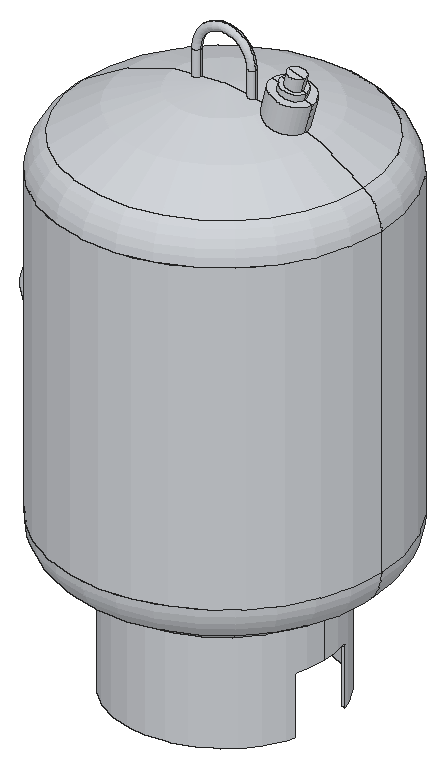
Revit family
Parameters (values of type "130LBC 125# W.P.")
  Weight = "130 lbs"
  Tank Volume = "34 Gal"
  Tank Height/Length = 34.375"
  Tank Diameter = 20.000"
  Side Lifting Ring Location = Shell Length / 2  # 9.125"
  Shell Length = 18.250"
  Pipe Connector Diameter = Pipe Connection Radius * 2  # 1.000"
  Pipe Connection Radius = 0.500"
  Model = "130LBC"
  Maximum Acceptance Volume = "27 Gal"
  Max Operating Temp = "240 DEG F"
  Max Operating Pressure = "125 PSI"
  Manufacturer = "Amtrol"
  Lifting Ring Location = 3.500" / 2  # 1.750"
  Floor to Elbow Centerline = 1.500"
  Floor to Bottom of Tank = 3.709"
  Bladder/Diaphragm = "Bladder"
  ASME = yes
Types (5): name | Weight | Tank Volume | Tank Height/Length | Side Lifting Ring Location | Shell Length | Model | Max Operating Pressure
  (no name) | "130 lbs" | "34 Gal" | 34.375" | 9.125" | 18.250" | "130LBC" | "125 PSI"
  130LBC 150# W.P. 10 BAR | "130 lbs" | "34 Gal" | 34.375" | 9.125" | 18.250" | "130LBC" | "150 PSI"
  165LBC 150# W.P. 10 BAR | "140 lbs" | "44 Gal" | 39.375" | 11.625" | 23.250" | "165LBC" | "150 PSI"
  130LBC 125# W.P. | "130 lbs" | "34 Gal" | 34.375" | 9.125" | 18.250" | "130LBC" | "125 PSI"
  165LBC 125# W.P. | "140 lbs" | "44 Gal" | 39.375" | 11.625" | 23.250" | "165LBC" | "125 PSI"
Reference planes (in)
  plane 1 "Center (Front/Back)": y = 0
  plane 2: z = 0
  plane 3 "Center (Left/Right)": x = 0
Forms (in)
  Revolve 1, solid
    sketch origin (0, 0, 0) x (1, 0, 0) y (0, 0, 1)
      loop
        line (-6.375, 0) -> (-6.187, 0) -> (-6.187, 7.44707) -> (-6.375, 7.44707) -> (-6.375, 0)
      axis (0, 0) -> (0, 7.44707)
    angle from 0 to 360
  Revolve 2, solid
    sketch origin (0, 0, 0) x (1, 0, 0) y (0, 0, 1)
      loop
        line (0.6492, 3.3675) -> (0.6492, 4.19707) -> (0, 4.19707) -> (0, 3.3675) -> (0.6492, 3.3675)
      axis (0, 3.3675) -> (0, 4.19707)
    angle from 0 to 360
  Extrusion 3, void
    sketch origin (0, 0, 0) x (0, 1, 0) y (0, 0, 1)
      loop
        line (0, 3.70581) -> (-1.75, 3.70581)
        arc (-1.75, 3.70581) -> (-1.92678, 3.63258) -> (-2, 3.45581) r 0.25
        line (-2, 3.45581) -> (-2, -0.25) -> (2, -0.25) -> (2, 3.45581)
        arc (2, 3.45581) -> (1.92678, 3.63258) -> (1.75, 3.70581) r 0.25
        line (1.75, 3.70581) -> (0, 3.70581)
    from 3.88729 to 12
  Sweep 4, solid
    path origin (0, 0, 0) x (1, 0, 0) y (0, 0, 1)
      loop
        line (0, 3) -> (0, 2.698)
        arc (0, 2.698) -> (0.35089, 1.85089) -> (1.198, 1.5) r 1.198
        line (1.198, 1.5) -> (1.5, 1.5)
    profile origin (0, 0, 2.849) x (0, -1, 0) y (1, 0, 0)
      loop
        circle (0, 0) r 0.75
  Revolve 5, solid
    sketch origin (0, 0, 0) x (1, 0, 0) y (0, 0, 1)
      loop
        line (0, 2.813) -> (0.65074, 2.813) -> (0.65074, 4.313) -> (0, 4.313) -> (0, 2.813)
      axis (0, 2.813) -> (0, 4.313)
    angle from 0 to 360
  Revolve 6, solid
    sketch origin (0, 0, 0) x (1, 0, 0) y (0, 0, 1)
      loop
        line (3.85419, 33.63901) -> (5.11558, 33.30102) -> (5.58812, 35.06454) -> (5.10515, 35.19395) -> (5.20603, 35.57042) -> (4.93892, 35.642) -> (5.13591, 36.37718) -> (4.62458, 36.51418) -> (3.85419, 33.63901)
      axis (3.85419, 33.63901) -> (4.62458, 36.51418)
    angle from 0 to 360
  Sweep 7, solid
    path origin (-0.03185, 0, 0.36625) x (1, 0, 0) y (0, 0, 1)
      loop
        line (-1.72794, 33.65651) -> (-1.72794, 35.40651)
        arc (-1.72794, 35.40651) -> (0.02206, 37.15651) -> (1.77206, 35.40651) r 1.75
        line (1.77206, 35.40651) -> (1.77206, 33.65651)
    profile origin (-1.75979, 0, 34.89776) x (-1, 0, 0) y (0, -1, 0)
      loop
        circle (0, 0) r 0.25
  Revolve 8, solid
    sketch origin (0, 0, 0) x (1, 0, 0) y (0, 0, 1)
      loop
        line (0, 34.375) -> (0, 3.709) -> (4.99442, 3.709) -> (4.99442, 4.209) -> (4.437, 4.209) -> (4.437, 4.40139) -> (4.99442, 4.40139) -> (4.99442, 5.7535)
        arc (4.99442, 5.7535) -> (5.04578, 5.76987) -> (5.07873, 5.81253) r 0.09054
        arc (5.07873, 5.81253) -> (7.08806, 6.70772) -> (8.95313, 7.87402) r 15.75634
        arc (8.95313, 7.87402) -> (9.72207, 8.77485) -> (9.99844, 9.92653) r 2.53776
        line (9.99844, 9.92653) -> (9.99844, 29.39525)
        arc (9.99844, 29.39525) -> (9.67843, 30.572) -> (8.87716, 31.49129) r 2.72468
        arc (8.87716, 31.49129) -> (4.6669, 33.636) -> (0, 34.375) r 15.1055
      axis (0, 3.709) -> (0, 34.375)
    angle from 0 to 360
  Sweep 9, solid
    path origin (0, 0, 0) x (1, 0, 0) y (0, 0, 1)
      loop
        line (-9.95063, 20.27025) -> (-10.95063, 20.27025)
        arc (-10.95063, 20.27025) -> (-12.70063, 18.52025) -> (-10.95063, 16.77025) r 1.75
        line (-10.95063, 16.77025) -> (-9.95063, 16.77025)
    profile origin (-10.45063, 0, 20.27025) x (0, 0, -1) y (0, -1, 0)
      loop
        circle (0, 0) r 0.25
Cuts and joins
  Extrusion 3 cuts Revolve 1
  Extrusion 3 cuts Revolve 2
Dimensions and locks (in)
  "Floor to Elbow Centerline": Sweep 4 sketch curve to cut or joined group of Revolve 1, Extrusion 3
  Revolve 6 sketch curve to Revolve 6 sketch curve = 2.9766"
  Revolve 6 sketch curve to Revolve 6 sketch curve = 2.21548"
  Revolve 6 sketch curve to Revolve 6 sketch curve = 1.82573"
  "Floor to Bottom of Tank": Revolve 8 sketch curve to level
  "Tank Height/Length": Revolve 8 sketch curve to cut or joined group of Revolve 1, Extrusion 3
  Revolve 8 sketch curve to Revolve 8 sketch curve = 12.38081"
  Revolve 6 sketch curve to Revolve 8 = 3.90577"
  Revolve 6 sketch curve to Revolve 8 = 4.24376"
  Sweep 7 sketch curve to Revolve 8 = 4.6275"  (x2)
  "Side Lifting Ring Location": Revolve 8 to Sweep 9 sketch curve
  aligned and locked: import instance to plane 3 "Center (Left/Right)"
  aligned and locked: plane 1 "Center (Front/Back)" to import instance
Automatic sketch dimensions
  Revolve 2 sketch curve to plane 3 "Center (Left/Right)" = 0.000"  (x2)
  plane 3 "Center (Left/Right)" to Revolve 2 sketch curve = 0.6492"
  level to Revolve 2 sketch curve = 3.3675"
  Revolve 2 sketch curve to Revolve 2 sketch curve = 0.000"
  Revolve 2 sketch curve to Revolve 2 sketch curve = 0.82957"
  Revolve 2 sketch curve to Revolve 2 sketch curve = 1.25068"
  Extrusion 3 sketch curve to plane 1 "Center (Front/Back)" = 0.000"
  plane 1 "Center (Front/Back)" to Extrusion 3 sketch curve = 1.750"
  Extrusion 3 sketch curve to Extrusion 3 sketch curve = 0.250"  (x2)
  Extrusion 3 sketch curve to plane 1 "Center (Front/Back)" = 1.750"
  Extrusion 3 sketch curve to level = 0.250"
  level to Extrusion 3 sketch curve = 3.45581"
  Sweep 4 sketch curve to plane 3 "Center (Left/Right)" = 0.000"
  Sweep 4 sketch curve to Sweep 4 sketch curve = 1.198"
  Sweep 4 sketch curve to Sweep 4 sketch curve = 0.302"  (x2)
  plane 1 "Center (Front/Back)" to Sweep 4 sketch curve = 0.000"
  Sweep 4 sketch curve to profile plane = 0.000"
  Revolve 5 sketch curve to plane 3 "Center (Left/Right)" = 0.000"  (x2)
  plane 3 "Center (Left/Right)" to Revolve 5 sketch curve = 0.65074"
  level to Revolve 5 sketch curve = 2.813"
  Revolve 5 sketch curve to Revolve 5 sketch curve = 0.000"
  Revolve 5 sketch curve to Revolve 5 sketch curve = 1.500"
  Revolve 5 sketch curve to Revolve 5 sketch curve = 0.500"
  plane 3 "Center (Left/Right)" to Revolve 6 sketch curve = 3.85419"
  Revolve 6 sketch curve to Revolve 6 sketch curve = 0.14815"
  Revolve 6 sketch curve to Revolve 6 sketch curve = 0.05202"
  Revolve 6 sketch curve to Revolve 6 sketch curve = 0.6492"
  Revolve 6 sketch curve to Revolve 6 sketch curve = 0.16624"
  Revolve 6 sketch curve to Revolve 6 sketch curve = 0.55291"
  Revolve 6 sketch curve to Revolve 6 sketch curve = 0.19415"
  Sweep 7 sketch curve to plane 3 "Center (Left/Right)" = 1.75979"
  Sweep 7 sketch curve to plane 3 "Center (Left/Right)" = 0.00979"
  Sweep 7 sketch curve to Sweep 7 sketch curve = 1.750"
  plane 1 "Center (Front/Back)" to Sweep 7 sketch curve = 0.000"
  Sweep 7 sketch curve to profile plane = 0.000"
  Revolve 1 sketch curve to level = 0.000"  (x2)
  Revolve 1 sketch curve to plane 3 "Center (Left/Right)" = 0.000"
  Revolve 1 sketch curve to plane 3 "Center (Left/Right)" = 6.187"
  Revolve 1 sketch curve to Revolve 1 sketch curve = 0.188"
  level to Revolve 1 sketch curve = 7.44707"
  Revolve 1 sketch curve to Revolve 1 sketch curve = 1.05293"
  Revolve 6 sketch curve to Revolve 6 sketch curve = 0.31433"
  Revolve 8 sketch curve to plane 3 "Center (Left/Right)" = 0.000"  (x2)
  Revolve 8 sketch curve to plane 3 "Center (Left/Right)" = 0.3131"
  plane 3 "Center (Left/Right)" to Revolve 8 sketch curve = 4.437"
  Revolve 8 sketch curve to Revolve 8 sketch curve = 0.55684"
  Revolve 8 sketch curve to Revolve 8 sketch curve = 0.55742"
  Revolve 8 sketch curve to Revolve 8 sketch curve = 0.00058"
  Revolve 8 sketch curve to Revolve 8 sketch curve = 0.08488"
  plane 3 "Center (Left/Right)" to Revolve 8 sketch curve = 7.27592"
  Revolve 8 sketch curve to Revolve 8 sketch curve = 2.38196"
  Revolve 8 sketch curve to Revolve 8 sketch curve = 1.60123"
  Revolve 8 sketch curve to Revolve 8 sketch curve = 0.000"  (x3)
  Revolve 8 sketch curve to Revolve 8 sketch curve = 1.49244"
  Revolve 8 sketch curve to Revolve 8 sketch curve = 1.04531"
  Revolve 8 sketch curve to Revolve 8 sketch curve = 0.500"
  Revolve 8 sketch curve to Revolve 8 sketch curve = 0.19239"
  Revolve 8 sketch curve to Revolve 8 sketch curve = 1.35211"
  Revolve 8 sketch curve to Revolve 8 sketch curve = 0.05903"
  Revolve 8 sketch curve to Revolve 8 sketch curve = 4.334"
  Sweep 9 sketch curve to plane 3 "Center (Left/Right)" = 10.95063"
  Sweep 9 sketch curve to Sweep 9 sketch curve = 1.000"  (x2)
  Sweep 9 sketch curve to Sweep 9 sketch curve = 1.750"
  Sweep 9 sketch curve to plane 1 "Center (Front/Back)" = 0.000"
  Sweep 9 sketch curve to profile plane = 0.000"
  radius of Sweep 4 sketch curve = 0.750"
  radius of Sweep 7 sketch curve = 0.250"
  radius of Sweep 9 sketch curve = 0.250"
Connectors (in)
  piping at (1.5, 0, 1.5), driven by "Pipe Connection Radius"
    settings: on Sweep 4, index 1
